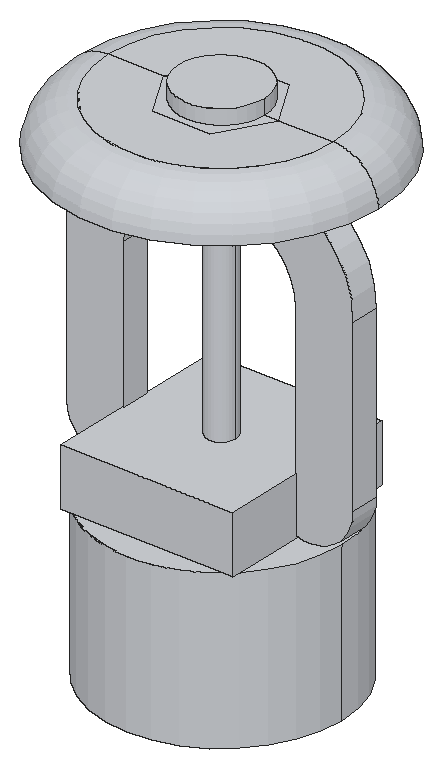
Revit family
Parameters (values of type "RASCO F1FR-300 UPRIGHT")
  Temperature Rating = 175 °F
  Response = 1
  RASCO SIN # = "R5622"
  RASCO Part # = "F1FRU5LC3"
  Pressure Rating = "300 PSI"
  Pressure Class = (empty or 0)
  Orifice Size = 17/32"
  Orifice = (empty or 0)
  Model = "F1FR-300"
  Manufacturer = "RASCO"
  K-Factor = 8
  Description = "Chrome Finish"
  Coverage = (empty or 0)
Reference planes (in)
  plane 1 "Center (Front/Back)": y = 0
  plane 2: z = 0
  plane 3 "Center (Left/Right)": x = 0
Dimensions and locks (in)
  aligned and locked: plane 2 to level
Nested families (in)
  nested 1: "F1FRU5LC3" at (0.06416, -0.02414, 0), type "RASCO F1FR-300 UPRIGHT"
Connectors (in)
  piping at (0.06416, -0.02414, 0)
    settings: on nested 1, index 1, connector radius 1/2", flow factor 0, pipe flow 0 GPM, pressure drop 0.00 psi, fitting loss kfactor 0, connector angle 0.00°, fixture units 0, flow configuration 0, flow direction 0, fitting loss method 0, system type 7, connector reference index -1, connector utility 0, adjustable connector no, is connector primary yes, fitting loss table "", connector description ""
Definition of nested family "F1FRU5LC3"
  Parameters (values of type "RASCO F1FR-300 UPRIGHT")
    Type Comments = ""
    Temperature Rating = 0 °F
    Response = (empty or 0)
    Pressure Rating = "0"
    Pressure Class = (empty or 0)
    Orifice Size = 0"
    Orifice = (empty or 0)
    Model = ""
    Manufacturer = ""
    K-Factor = 0
    Description = ""
    Coverage = (empty or 0)
    Assembly Code = ""
  Reference planes (in)
    plane 1 "Center (Front/Back)": y = 0
    plane 2: z = 0
    plane 3 "ref.2": z = 0.6875
    plane 4 "ref.3": z = 0.9375
    plane 5: x = -0.38065
    plane 6: x = 0.36935
    plane 7 "ref. side 1": y = 0.06402
    plane 8 "ref. side 2": y = -0.06098
    plane 9 "ref.4": z = 1.875
    plane 10 "ref.5": z = 2.3125
    plane 11 "ref.6": z = 2.4375
  Forms (in)
    Extrusion 1, solid
      sketch origin (0, 0, 0) x (1, 0, 0) y (0, 1, 0)
        loop
          circle (0, 0) r 0.5221
      from 0 to 0.6875
    Extrusion 2, solid
      sketch origin (-0.12185, 0.05177, 0.6875) x (1, 0, 0) y (0, 1, 0)
        loop
          line (-0.2588, 0.356) -> (-0.2588, -0.4565) -> (0.4912, -0.4565) -> (0.4912, 0.356) -> (-0.2588, 0.356)
      from 0 to 0.25
    Extrusion 3, solid
      sketch origin (0, 0, 0) x (1, 0, 0) y (0, 0, 1)
        loop
          line (-0.38065, 0.69674) -> (-0.38065, 1.58397)
          arc (-0.38065, 1.58397) -> (-0.29541, 1.78976) -> (-0.08962, 1.875) r 0.29103
          line (-0.08962, 1.875) -> (0.07524, 1.875)
          arc (0.07524, 1.875) -> (0.28321, 1.78886) -> (0.36935, 1.58089) r 0.29411
          line (0.36935, 1.58089) -> (0.36935, 0.69728)
          arc (0.36935, 0.69728) -> (0.54046, 0.72329) -> (0.61935, 0.87734) r 0.18984
          line (0.61935, 0.87734) -> (0.61935, 1.61676)
          arc (0.61935, 1.61676) -> (0.48879, 1.93194) -> (0.17361, 2.0625) r 0.44574
          line (0.17361, 2.0625) -> (-0.18509, 2.0625)
          arc (-0.18509, 2.0625) -> (-0.50015, 1.932) -> (-0.63065, 1.61694) r 0.44556
          line (-0.63065, 1.61694) -> (-0.63065, 0.87876)
          arc (-0.63065, 0.87876) -> (-0.55196, 0.72414) -> (-0.38065, 0.69674) r 0.19126
      from -0.06402 to 0.06098
    Extrusion 4, solid
      sketch origin (0, 0, 0.9375) x (-1, 0, 0) y (0, -1, 0)
        loop
          circle (0.00574, -0.00152) r 0.0625
      from 0 to 0.9375
    Extrusion 5, solid
      sketch origin (0, 0, 1.875) x (-1, 0, 0) y (0, -1, 0)
        loop
          circle (0.00574, -0.00152) r 0.1875
      from 0 to 0.4375
    Revolve 6, solid
      sketch origin (0, 0, -0.2777) x (1, 0, 0) y (0, 0, 1)
        loop
          line (-0.19324, 2.33367) -> (-0.19324, 2.52696) -> (-0.25733, 2.52696) -> (-0.49638, 2.52696)
          arc (-0.49638, 2.52696) -> (-0.63432, 2.47056) -> (-0.69321, 2.33367) r 0.19686
          line (-0.69321, 2.33367) -> (-0.19324, 2.33367)
        axis (-0.00574, 2.33367) -> (-0.00574, 2.52696)
      angle from 0 to 360
  Cuts and joins
    joined: Extrusion 1, Extrusion 2, Extrusion 4, Revolve 6
  Lines and regions (in)
    model lines
      curve 1: line (-0.00574, 0.06402, 1.875) -> (-0.00574, -0.06098, 1.875)
  Dimensions and locks (in)
    Extrusion 3 to Extrusion 3 = 0' - 1 1/4"
    Extrusion 5 to cut or joined group of Extrusion 1, Extrusion 2, Extrusion 4, Revolve 6 = 0' - 2 5/16"
